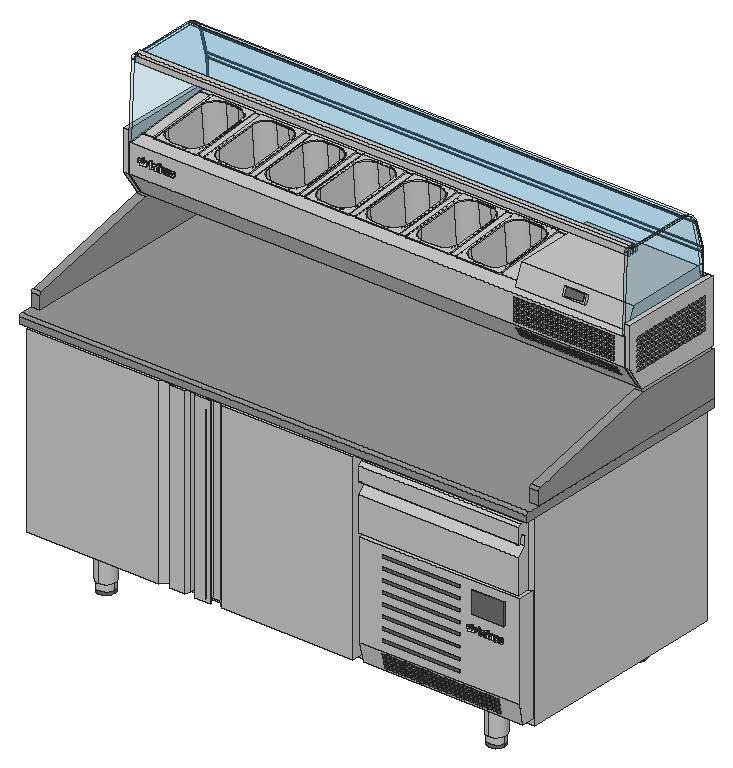
Revit family "QF_INFRICO_MP1740_VIP1740B14_G_250813111353", category Specialty Equipment, Revit 2021
Family settings
  Round Connector Dimension = Use Diameter
  Part Type = Normal
  OmniClass Number = 23.40.40.14
  OmniClass Title = Food Service Equipment
  Work Plane-Based = No
  Always vertical = Yes
  Cut with Voids When Loaded = No
  Shared = No
  Room Calculation Point = No
Parameters (values of type "MP1740-R290")
  Weight [instance] = 270.001 kg
  Waste Water Discharge Temperature [instance] = 0 °C
  Waste Remarks [instance] = ""
  Warranty Start Date [instance] = ""
  Warranty Duration [instance] = ""
  Volts_VIP1740B14_G [instance] = 230 V
  Volts [instance] = 230 V
  Volt Free Conn_VIP1740B14_G [instance] = yes
  Volt Free Conn [instance] = no
  URL Recommended Spares List [instance] = ""
  URL Manufacturer [instance] = ""
  URL Cutsheet [instance] = ""
  URL Critical Spares List [instance] = ""
  URL = "www.infrico.com"
  Technical Documentation [instance] = ""
  Tag Number [instance] = ""
  Status [instance] = ""
  Start Up Current_VIP1740B14_G [instance] = 0 A
  Start Up Current [instance] = 0 A
  Specification by User [instance] = ""
  Specification by Manufacturer [instance] = ""
  Sound Level [instance] = ""
  Show Logo [instance] = yes
  Show Clearances [instance] = yes
  Service Life Duration [instance] = ""
  Serial Number [instance] = ""
  Seismic Rating [instance] = ""
  SMACNA No [instance] = ""
  Revision Code [instance] = ""
  Revision [instance] = ""
  Production Year [instance] = ""
  Potential Equalisation_VIP1740B14_G [instance] = yes
  Potential Equalisation [instance] = no
  Point Load [instance] = 0
  Plumbing Connection Type [instance] = ""
  Phase_VIP1740B14_G [instance] = 1
  Phase [instance] = 1
  Other Equipment Approvals [instance] = ""
  Operational Current_VIP1740B14_G [instance] = 0 A
  Operational Current [instance] = 0 A
  Number of Poles_VIP1740B14_G [instance] = 2
  Number of Poles [instance] = 2
  No Load Power Draw_VIP1740B14_G [instance] = yes
  No Load Power Draw [instance] = no
  NAFEM Spec ID Number [instance] = ""
  Model Warning [instance] = ""
  Model = "MP1740"
  Min Ckt Ampacity_VIP1740B14_G [instance] = 0 A
  Min Ckt Ampacity [instance] = 0 A
  Max Overcurrent Protection_VIP1740B14_G [instance] = 0 A
  Max Overcurrent Protection [instance] = 0 A
  Masterspec [instance] = ""
  Manufacturer = "INFRICO"
  Main switch integrated_VIP1740B14_G [instance] = yes
  Main switch integrated [instance] = no
  Length Actual [instance] = 1738.122 mm
  Item Number [instance] = ""
  Installed By [instance] = ""
  Installation Date [instance] = ""
  Indirect Waste Size [instance] = 19.05 mm
  Indirect Waste Remarks [instance] = ""
  Indirect Waste Flow [instance] = 0.0 L/s
  Indirect Waste Connection Type [instance] = ""
  Indirect Waste Connection Height [instance] = 0 mm
  Identify Quantity as Lot [instance] = no
  ID [instance] = ""
  Hygiene Approval [instance] = ""
  Height Actual [instance] = 979.932 mm
  HP power_VIP1740B14_G [instance] = ""
  HP power [instance] = ""
  Furnished By [instance] = ""
  Foodservice Equipment Identifier [instance] = no
  FL Amps_VIP1740B14_G [instance] = 0 A
  FL Amps [instance] = 0 A
  Electrical Remarks_VIP1740B14_G [instance] = ""
  Electrical Remarks [instance] = ""
  Electric power_VIP1740B14_G [instance] = 120 W
  Electric power [instance] = 550 W
  Electric Connection Type_VIP1740B14_G [instance] = ""
  Electric Connection Type [instance] = ""
  Elec Conn RI Height_VIP1740B14_G [instance] = 0 mm
  Elec Conn RI Height [instance] = 0 mm
  Elec Conn Connection Height_VIP1740B14_G [instance] = 0 mm
  Elec Conn Connection Height [instance] = 0 mm
  ETL Approved [instance] = no
  Direct Waste Water Discharge Temperature [instance] = -273.15 °C
  Direct Waste Size [instance] = 19.05 mm
  Direct Waste RI Height [instance] = 0 mm
  Direct Waste Flow [instance] = 0.0 L/s
  Direct Waste Connection Height [instance] = 0 mm
  Description = "PIZZA PREP TABLE 800 SERIES - R290"
  Depth Actual [instance] = 800.1 mm
  Default Elevation = 0 mm
  Cycle_VIP1740B14_G [instance] = 50 Hz
  Cycle [instance] = 50 Hz
  Cost = 0
  Connection to energy optimisation system_VIP1740B14_G [instance] = yes
  Connection to energy optimisation system [instance] = yes
  Conn Plug_VIP1740B14_G [instance] = ""
  Conn Plug [instance] = ""
  Conn Conduit_VIP1740B14_G [instance] = yes
  Conn Conduit [instance] = no
  Centralized building control system with digital interface_VIP1740B14_G [instance] = ""
  Centralized building control system with digital interface [instance] = ""
  CSI MasterFormat [instance] = ""
  CE Approved [instance] = no
  Barcode [instance] = 0
  Author [instance] = ""
  Asset Identifier [instance] = ""
  Apparent Power_VIP1740B14_G [instance] = 120 VA
  Apparent Power [instance] = 550 VA
  Accessory [instance] = no
Reference planes
  plane 1 "Center (Front/Back)": y = 0
  plane 2: z = 0
  plane 3 "Center (Left/Right)": x = 0
Forms (mm)
  Extrusion 1, solid, not visible
    sketch origin (1038.051, -350.017, 142.007) x (1, 0, 0) y (0, 1, 0)
      loop
        line (-2, 2) -> (-2, -2) -> (2, -2) -> (2, 2) -> (-2, 2)
    from -2 to 2
  Extrusion 2, solid, not visible
    sketch origin (1641.08, -73.004, 142.007) x (1, 0, 0) y (0, 1, 0)
      loop
        line (-2, 2) -> (-2, -2) -> (2, -2) -> (2, 2) -> (-2, 2)
    from -2 to 2
  Extrusion 3, solid, not visible
    sketch origin (62.003, -2, 1080.053) x (1, 0, 0) y (0, 1, 0)
      loop
        line (-2, 2) -> (-2, -2) -> (2, -2) -> (2, 2) -> (-2, 2)
    from -2 to 2
Dimensions and locks
  locked: nested 2 to Extrusion 1 at 2  (x2)
  locked: nested 3 to Extrusion 2 at 2  (x2)
  locked: Extrusion 3 to nested 7
  locked: nested 7 to Extrusion 3 at 2
  aligned and locked: level to plane 2
Nested families
  nested 1: "QF_INFRICO_MP1740_2920" at (0, 0, 140), type "MP1740-R290"
    with Weight 270.001 kg, Warranty Start Date "", Warranty Duration "", URL Cutsheet "", Technical Documentation "", Tag Number "", Status "", Specification by User "", Specification by Manufacturer "", Sound Level "", Solid Fuel Type "", Show Logo yes, Show Clearances yes, Show Clearance yes, Service Life Duration "", Serial Number "", Seismic Rating "", SMACNA No "", Revision Code "", Revision "", Production Year "", Point Load 0, Other Equipment Approvals "", NAFEM Spec ID Number "", Model Warning "", Masterspec "", Length Actual 1738.122 mm, Item Number "", Installed By "", Installation Date "", Identify Quantity as Lot yes, ID "", Hygiene Approval "", Height Actual 979.932 mm, Furnished By "", Foodservice Equipment Identifier yes, ETL Approved yes, Depth Actual 800.1 mm, CSI MasterFormat "", CE Approved no, Barcode "", Author "", Asset Identifier "", Accessory no
  nested 2: "CONN_POINT_DRAIN_2D___Generic_Annotation" at (1038.051, -350.017, 140.007), type "CONN_POINT_DRAIN_2D___Generic_Annotation"
    with Onboard connection annotation symbol visibility yes
  nested 3: "CONN_POINT_ELE_2D___Generic_Annotation" at (1641.08, -73.004, 140.007), type "CONN_POINT_ELE_2D___Generic_Annotation"
    with Onboard connection annotation symbol visibility yes
  nested 4: "QF_INFRICO_MP_DOOR_SX_4886" at (22, -738, 168), type "MP_DOOR_SX"
    with Weight 0.00 kg, Warranty Start Date "", Warranty Duration "", URL Cutsheet "", Technical Documentation "", Tag Number "", Status "", Specification by User "", Specification by Manufacturer "", Sound Level "", Solid Fuel Type "", Show Logo yes, Show Clearances yes, Show Clearance yes, Service Life Duration "", Serial Number "", Seismic Rating "", SMACNA No "", Revision Code "", Revision "", Production Year "", Point Load 0, Other Equipment Approvals "", NAFEM Spec ID Number "", Model Warning "", Masterspec "", Length Actual 547.116 mm, Item Number "", Installed By "", Installation Date "", Identify Quantity as Lot yes, ID "", Hygiene Approval "", Height Actual 620.014 mm, Furnished By "", Foodservice Equipment Identifier yes, ETL Approved yes, Depth Actual 59.944 mm, CSI MasterFormat "", CE Approved no, Barcode "", Author "", Asset Identifier "", Accessory yes
  nested 5: "QF_INFRICO_MP_DOOR_DX_5664" at (594, -738, 168), type "MP_DOOR_DX"
    with Weight 0.00 kg, Warranty Start Date "", Warranty Duration "", URL Cutsheet "", Technical Documentation "", Tag Number "", Status "", Specification by User "", Specification by Manufacturer "", Sound Level "", Solid Fuel Type "", Show Logo yes, Show Clearances yes, Show Clearance yes, Service Life Duration "", Serial Number "", Seismic Rating "", SMACNA No "", Revision Code "", Revision "", Production Year "", Point Load 0, Other Equipment Approvals "", NAFEM Spec ID Number "", Model Warning "", Masterspec "", Length Actual 547.116 mm, Item Number "", Installed By "", Installation Date "", Identify Quantity as Lot yes, ID "", Hygiene Approval "", Height Actual 620.014 mm, Furnished By "", Foodservice Equipment Identifier yes, ETL Approved yes, Depth Actual 59.944 mm, CSI MasterFormat "", CE Approved no, Barcode "", Author "", Asset Identifier "", Accessory yes
  nested 6: "QF_INFRICO_VIP1740B14_G_6438" at (0, 0, 980), type "VIP1740B14_G"
    with Weight 0.00 kg, Warranty Start Date "", Warranty Duration "", URL Cutsheet "", Technical Documentation "", Tag Number "", Status "", Specification by User "", Specification by Manufacturer "", Sound Level "", Solid Fuel Type "", Show Logo yes, Show Clearances yes, Show Clearance yes, Service Life Duration "", Serial Number "", Seismic Rating "", SMACNA No "", Revision Code "", Revision "", Production Year "", Point Load 0, Other Equipment Approvals "", NAFEM Spec ID Number "", Model Warning "", Masterspec "", Length Actual 1733.042 mm, Item Number "", Installed By "", Installation Date "", Identify Quantity as Lot yes, ID "", Hygiene Approval "", Height Actual 450.088 mm, Furnished By "", Foodservice Equipment Identifier yes, ETL Approved yes, Depth Actual 353.06 mm, CSI MasterFormat "", CE Approved no, Barcode "", Author "", Asset Identifier "", Accessory yes
  nested 7: "CONN_POINT_ELE_2D___Generic_Annotation" at (62.003, 0, 1080.053), type "CONN_POINT_ELE_2D___Generic_Annotation"
    with Onboard connection annotation symbol visibility yes
  nested 8: "QF_INFRICO_LEGS_9698" at (0, 0, 0), type "LEGS_1740_800"
    with Weight 0.00 kg, Warranty Start Date "", Warranty Duration "", URL Cutsheet "", Technical Documentation "", Tag Number "", Status "", Specification by User "", Specification by Manufacturer "", Sound Level "", Solid Fuel Type "", Show Logo yes, Show Clearances yes, Show Clearance yes, Service Life Duration "", Serial Number "", Seismic Rating "", SMACNA No "", Revision Code "", Revision "", Production Year "", Point Load 0, Other Equipment Approvals "", NAFEM Spec ID Number "", Model Warning "", Masterspec "", Length Actual 1738.122 mm, Item Number "", Installed By "", Installation Date "", Identify Quantity as Lot yes, ID "", Hygiene Approval "", Height Actual 139.954 mm, Furnished By "", Foodservice Equipment Identifier yes, ETL Approved yes, Depth Actual 800.1 mm, CSI MasterFormat "", CE Approved no, Barcode "", Author "", Asset Identifier "", Accessory yes
Connectors
  piping at (1038.051, -350.017, 140.007), diameter 19.05, driven by "Indirect Waste Size", driven by "Direct Waste Flow"
    settings: on Extrusion 1, index 1, connector inside diameter 609.6 mm, connector length 0 mm, flow factor 0, pipe flow 0.0 L/s, pressure drop 0.0 Pa, fitting loss kfactor 0, connector angle 0.00°, fixture units 0, engagement length 0 mm, angle of deflection 0.00°, flow configuration 1, flow direction 2, fitting loss method 0, system type 16, joint type 0, gender type 0, connector reference index -1, connector utility 0, adjustable connector no, is connector primary yes, connector description "Waste connection for MP1740"
  electrical at (1641.08, -73.004, 140.007), driven by "Apparent Power", driven by "Number of Poles", driven by "Volts"
    settings: on Extrusion 2, index 2, voltage 230 V, apparent load 0 VA, apparent load phase1 550 VA, apparent load phase2 0 VA, apparent load phase3 0 VA, power factor 1, load classification "Other", number of poles 2, system type 31, power factor state 1, is connector primary yes, connector utility no, sub classification motor no, connector description "Electrical connection for MP1740"
  electrical at (62.003, 0, 1080.053), driven by "Apparent Power_VIP1740B14_G", driven by "Number of Poles_VIP1740B14_G", driven by "Volts_VIP1740B14_G"
    settings: on Extrusion 3, index 3, voltage 230 V, apparent load 0 VA, apparent load phase1 120 VA, apparent load phase2 0 VA, apparent load phase3 0 VA, power factor 1, load classification "Other", number of poles 2, system type 31, power factor state 1, is connector primary no, connector utility no, sub classification motor no, connector description "Electrical connection for VIP1740B14_G"
Definition of nested family "QF_INFRICO_MP1740_2920"
  Parameters (values of type "MP1740CN")
    Weight [instance] = 0.00 kg
    Warranty Start Date [instance] = ""
    Warranty Duration [instance] = ""
    URL Cutsheet [instance] = ""
    URL = "www.infrico.com"
    Technical Documentation [instance] = ""
    Tag Number [instance] = ""
    Status [instance] = ""
    Specification by User [instance] = ""
    Specification by Manufacturer [instance] = ""
    Sound Level [instance] = ""
    Solid Fuel Type [instance] = ""
    Show Logo [instance] = yes
    Show Clearances [instance] = yes
    Show Clearance [instance] = yes
    Service Life Duration [instance] = ""
    Serial Number [instance] = ""
    Seismic Rating [instance] = ""
    SMACNA No [instance] = ""
    Revision Code [instance] = ""
    Revision [instance] = ""
    Production Year [instance] = ""
    Point Load [instance] = 0
    Other Equipment Approvals [instance] = ""
    NAFEM Spec ID Number [instance] = ""
    Model Warning [instance] = ""
    Model = "MP1740CN"
    Masterspec [instance] = ""
    Manufacturer = "INFRICO"
    Length Actual [instance] = 0 mm
    Item Number [instance] = ""
    Installed By [instance] = ""
    Installation Date [instance] = ""
    Identify Quantity as Lot [instance] = yes
    ID [instance] = ""
    Hygiene Approval [instance] = ""
    Height Actual [instance] = 0 mm
    Furnished By [instance] = ""
    Foodservice Equipment Identifier [instance] = yes
    ETL Approved [instance] = yes
    Description = "PIZZA PREP TABLE 800 SERIES - R134A"
    Depth Actual [instance] = 0 mm
    Default Elevation = 0 mm
    CSI MasterFormat [instance] = ""
    CE Approved [instance] = yes
    Barcode [instance] = ""
    Author [instance] = ""
    Asset Identifier [instance] = ""
    Assembly Code = "E1090320"
    Accessory [instance] = yes
  Types (4, lengths in mm): name | Model | Description
    MP1740 | "MP1740" | "PIZZA PREP TABLE 800 SERIES - R134A"
    MP1740-R290 | "MP1740" | "PIZZA PREP TABLE 800 SERIES - R290"
    MP1740CN-R290 | "MP1740CN" | "PIZZA PREP TABLE 800 SERIES - R290"
    MP1740CN | "MP1740CN" | "PIZZA PREP TABLE 800 SERIES - R134A"
  Reference planes
    plane 1 "Back": y = 0
    plane 2: z = 0
    plane 3 "Left": x = 0
    plane 4 "Right": x = 1738
    plane 5 "Front": y = -800
    plane 6 "Top": z = 690
  Forms (mm)
    Extrusion 1, solid
      sketch origin (0, -945.468, 0) x (1, 0, 0) y (0, 0, 1)
        loop
          line (23.98, 660) -> (23.98, 0) -> (1713.98, 0) -> (1713.98, 660) -> (23.98, 660)
      from -945.468 to -207.468
    Extrusion 2, solid
      sketch origin (0, -945.468, -0.92) x (0, 1, 0) y (0, 0, 1)
        loop
          line (945.468, 690.92) -> (155.468, 690.92)
          arc (155.468, 690.92) -> (148.397, 687.991) -> (145.468, 680.92) r 10
          line (145.468, 680.92) -> (145.468, 660.92) -> (945.468, 660.92) -> (945.468, 690.92)
      from 0 to 1738
    Extrusion 3, solid
      sketch origin (0, -945.468, 0) x (0, 1, 0) y (0, 0, 1)
        loop
          line (195.468, 732.805) -> (195.468, 690) -> (945.468, 690) -> (945.468, 840.93) -> (645.468, 840.93) -> (203.296, 742.567)
          arc (203.296, 742.567) -> (197.666, 739.062) -> (195.468, 732.805) r 10
      from 0 to 30
    Extrusion 4, solid
      sketch origin (1708, -945.468, 0) x (0, 1, 0) y (0, 0, 1)
        loop
          line (195.468, 732.805) -> (195.468, 690) -> (945.468, 690) -> (945.468, 840.93) -> (645.468, 840.93) -> (203.296, 742.567)
          arc (203.296, 742.567) -> (197.666, 739.062) -> (195.468, 732.805) r 10
      from 0 to 30
    Extrusion 5, solid
      sketch origin (0, -945.448, 0) x (0, 1, 0) y (0, 0, 1)
        loop
          line (207.448, 659.31) -> (159.638, 659.31) -> (159.638, 646.31) -> (207.448, 646.31) -> (207.448, 659.31)
      from 25.595 to 1712.615
    Extrusion 6, solid
      sketch origin (0, -945.468, 0) x (0, 1, 0) y (0, 0, 1)
        loop
          line (915.468, 690) -> (945.468, 690) -> (945.468, 840.93) -> (915.468, 840.93) -> (915.468, 690)
      from 30 to 1708
    Extrusion 7, solid
      sketch origin (-2000.4, -1943.425, 0) x (0, 1, 0) y (0, 0, 1)
        loop
          line (1165.522, 19.5) -> (1205.425, 19.5) -> (1205.425, 411.638) -> (1150.415, 411.638) -> (1150.415, 85.028) -> (1165.522, 19.5)
      from 3160.42 to 3707.42
    Extrusion 8, solid
      sketch origin (-2000, -1943.425, 0) x (0, 1, 0) y (0, 0, 1)
        loop
          line (1150.415, 385.1) -> (1148.415, 385.1) -> (1148.415, 310.1) -> (1150.415, 310.1) -> (1150.415, 385.1)
      from 3545.892 to 3655.892
    Extrusion 9, solid
      sketch origin (-3806.998, -791.13, -529.942) x (1, 0, 0) y (0, 0, 1)
        loop
          line (5309.954, 912.391) -> (5043.954, 912.391) -> (5043.954, 903.391) -> (5309.954, 903.391) -> (5309.954, 912.391)
        loop
          line (5309.954, 875.391) -> (5043.954, 875.391) -> (5043.954, 866.391) -> (5309.954, 866.391) -> (5309.954, 875.391)
        loop
          line (5309.954, 838.391) -> (5043.954, 838.391) -> (5043.954, 829.391) -> (5309.954, 829.391) -> (5309.954, 838.391)
        loop
          line (5309.954, 801.391) -> (5043.954, 801.391) -> (5043.954, 792.391) -> (5309.954, 792.391) -> (5309.954, 801.391)
        loop
          line (5309.954, 764.391) -> (5043.954, 764.391) -> (5043.954, 755.391) -> (5309.954, 755.391) -> (5309.954, 764.391)
        loop
          line (5309.954, 727.391) -> (5043.954, 727.391) -> (5043.954, 718.391) -> (5309.954, 718.391) -> (5309.954, 727.391)
        loop
          line (5309.954, 690.391) -> (5043.954, 690.391) -> (5043.954, 681.391) -> (5309.954, 681.391) -> (5309.954, 690.391)
        loop
          line (5309.954, 653.391) -> (5043.954, 653.391) -> (5043.954, 644.391) -> (5309.954, 644.391) -> (5309.954, 653.391)
      from 0 to 2
    Extrusion 10, solid
      sketch origin (-1801.775, -737.704, -146.289) x (1, 0, 0) y (0, -0.224951, 0.97437)
        loop
          line (3036.73, 230.769) -> (3036.73, 220.769) -> (3046.73, 220.769) -> (3046.73, 230.769) -> (3036.73, 230.769)
        loop
          line (3052.23, 230.769) -> (3052.23, 220.769) -> (3062.23, 220.769) -> (3062.23, 230.769) -> (3052.23, 230.769)
        loop
          line (3067.73, 230.769) -> (3067.73, 220.769) -> (3077.73, 220.769) -> (3077.73, 230.769) -> (3067.73, 230.769)
        loop
          line (3083.23, 230.769) -> (3083.23, 220.769) -> (3093.23, 220.769) -> (3093.23, 230.769) -> (3083.23, 230.769)
        loop
          line (3098.73, 230.769) -> (3098.73, 220.769) -> (3108.73, 220.769) -> (3108.73, 230.769) -> (3098.73, 230.769)
        loop
          line (3114.23, 230.769) -> (3114.23, 220.769) -> (3124.23, 220.769) -> (3124.23, 230.769) -> (3114.23, 230.769)
        loop
          line (3129.73, 230.769) -> (3129.73, 220.769) -> (3139.73, 220.769) -> (3139.73, 230.769) -> (3129.73, 230.769)
        loop
          line (3145.23, 230.769) -> (3145.23, 220.769) -> (3155.23, 220.769) -> (3155.23, 230.769) -> (3145.23, 230.769)
        loop
          line (3160.73, 230.769) -> (3160.73, 220.769) -> (3170.73, 220.769) -> (3170.73, 230.769) -> (3160.73, 230.769)
        loop
          line (3176.23, 230.769) -> (3176.23, 220.769) -> (3186.23, 220.769) -> (3186.23, 230.769) -> (3176.23, 230.769)
        loop
          line (3191.73, 230.769) -> (3191.73, 220.769) -> (3201.73, 220.769) -> (3201.73, 230.769) -> (3191.73, 230.769)
        loop
          line (3207.23, 230.769) -> (3207.23, 220.769) -> (3217.23, 220.769) -> (3217.23, 230.769) -> (3207.23, 230.769)
        loop
          line (3222.73, 230.769) -> (3222.73, 220.769) -> (3232.73, 220.769) -> (3232.73, 230.769) -> (3222.73, 230.769)
        loop
          line (3238.23, 230.769) -> (3238.23, 220.769) -> (3248.23, 220.769) -> (3248.23, 230.769) -> (3238.23, 230.769)
        loop
          line (3253.73, 230.769) -> (3253.73, 220.769) -> (3263.73, 220.769) -> (3263.73, 230.769) -> (3253.73, 230.769)
        loop
          line (3269.23, 230.769) -> (3269.23, 220.769) -> (3279.23, 220.769) -> (3279.23, 230.769) -> (3269.23, 230.769)
        loop
          line (3284.73, 230.769) -> (3284.73, 220.769) -> (3294.73, 220.769) -> (3294.73, 230.769) -> (3284.73, 230.769)
        loop
          line (3300.23, 230.769) -> (3300.23, 220.769) -> (3310.23, 220.769) -> (3310.23, 230.769) -> (3300.23, 230.769)
        loop
          line (3315.73, 230.769) -> (3315.73, 220.769) -> (3325.73, 220.769) -> (3325.73, 230.769) -> (3315.73, 230.769)
        loop
          line (3331.23, 230.769) -> (3331.23, 220.769) -> (3341.23, 220.769) -> (3341.23, 230.769) -> (3331.23, 230.769)
        loop
          line (3346.73, 230.769) -> (3346.73, 220.769) -> (3356.73, 220.769) -> (3356.73, 230.769) -> (3346.73, 230.769)
        loop
          line (3362.23, 230.769) -> (3362.23, 220.769) -> (3372.23, 220.769) -> (3372.23, 230.769) -> (3362.23, 230.769)
        loop
          line (3377.73, 230.769) -> (3377.73, 220.769) -> (3387.73, 220.769) -> (3387.73, 230.769) -> (3377.73, 230.769)
        loop
          line (3393.23, 230.769) -> (3393.23, 220.769) -> (3403.23, 220.769) -> (3403.23, 230.769) -> (3393.23, 230.769)
        loop
          line (3408.73, 230.769) -> (3408.73, 220.769) -> (3418.73, 220.769) -> (3418.73, 230.769) -> (3408.73, 230.769)
        loop
          line (3424.23, 230.769) -> (3424.23, 220.769) -> (3434.23, 220.769) -> (3434.23, 230.769) -> (3424.23, 230.769)
        loop
          line (3036.73, 216.769) -> (3036.73, 206.769) -> (3046.73, 206.769) -> (3046.73, 216.769) -> (3036.73, 216.769)
        loop
          line (3052.23, 216.769) -> (3052.23, 206.769) -> (3062.23, 206.769) -> (3062.23, 216.769) -> (3052.23, 216.769)
        loop
          line (3067.73, 216.769) -> (3067.73, 206.769) -> (3077.73, 206.769) -> (3077.73, 216.769) -> (3067.73, 216.769)
        loop
          line (3083.23, 216.769) -> (3083.23, 206.769) -> (3093.23, 206.769) -> (3093.23, 216.769) -> (3083.23, 216.769)
        loop
          line (3098.73, 216.769) -> (3098.73, 206.769) -> (3108.73, 206.769) -> (3108.73, 216.769) -> (3098.73, 216.769)
        loop
          line (3114.23, 216.769) -> (3114.23, 206.769) -> (3124.23, 206.769) -> (3124.23, 216.769) -> (3114.23, 216.769)
        loop
          line (3129.73, 216.769) -> (3129.73, 206.769) -> (3139.73, 206.769) -> (3139.73, 216.769) -> (3129.73, 216.769)
        loop
          line (3145.23, 216.769) -> (3145.23, 206.769) -> (3155.23, 206.769) -> (3155.23, 216.769) -> (3145.23, 216.769)
        loop
          line (3160.73, 216.769) -> (3160.73, 206.769) -> (3170.73, 206.769) -> (3170.73, 216.769) -> (3160.73, 216.769)
        loop
          line (3176.23, 216.769) -> (3176.23, 206.769) -> (3186.23, 206.769) -> (3186.23, 216.769) -> (3176.23, 216.769)
        loop
          line (3191.73, 216.769) -> (3191.73, 206.769) -> (3201.73, 206.769) -> (3201.73, 216.769) -> (3191.73, 216.769)
        loop
          line (3207.23, 216.769) -> (3207.23, 206.769) -> (3217.23, 206.769) -> (3217.23, 216.769) -> (3207.23, 216.769)
        loop
          line (3222.73, 216.769) -> (3222.73, 206.769) -> (3232.73, 206.769) -> (3232.73, 216.769) -> (3222.73, 216.769)
        loop
          line (3238.23, 216.769) -> (3238.23, 206.769) -> (3248.23, 206.769) -> (3248.23, 216.769) -> (3238.23, 216.769)
        loop
          line (3253.73, 216.769) -> (3253.73, 206.769) -> (3263.73, 206.769) -> (3263.73, 216.769) -> (3253.73, 216.769)
        loop
          line (3269.23, 216.769) -> (3269.23, 206.769) -> (3279.23, 206.769) -> (3279.23, 216.769) -> (3269.23, 216.769)
        loop
          line (3284.73, 216.769) -> (3284.73, 206.769) -> (3294.73, 206.769) -> (3294.73, 216.769) -> (3284.73, 216.769)
        loop
          line (3300.23, 216.769) -> (3300.23, 206.769) -> (3310.23, 206.769) -> (3310.23, 216.769) -> (3300.23, 216.769)
        loop
          line (3315.73, 216.769) -> (3315.73, 206.769) -> (3325.73, 206.769) -> (3325.73, 216.769) -> (3315.73, 216.769)
        loop
          line (3331.23, 216.769) -> (3331.23, 206.769) -> (3341.23, 206.769) -> (3341.23, 216.769) -> (3331.23, 216.769)
        loop
          line (3346.73, 216.769) -> (3346.73, 206.769) -> (3356.73, 206.769) -> (3356.73, 216.769) -> (3346.73, 216.769)
        loop
          line (3362.23, 216.769) -> (3362.23, 206.769) -> (3372.23, 206.769) -> (3372.23, 216.769) -> (3362.23, 216.769)
        loop
          line (3377.73, 216.769) -> (3377.73, 206.769) -> (3387.73, 206.769) -> (3387.73, 216.769) -> (3377.73, 216.769)
        loop
          line (3393.23, 216.769) -> (3393.23, 206.769) -> (3403.23, 206.769) -> (3403.23, 216.769) -> (3393.23, 216.769)
        loop
          line (3408.73, 216.769) -> (3408.73, 206.769) -> (3418.73, 206.769) -> (3418.73, 216.769) -> (3408.73, 216.769)
        loop
          line (3424.23, 216.769) -> (3424.23, 206.769) -> (3434.23, 206.769) -> (3434.23, 216.769) -> (3424.23, 216.769)
        loop
          line (3036.73, 202.769) -> (3036.73, 192.769) -> (3046.73, 192.769) -> (3046.73, 202.769) -> (3036.73, 202.769)
        loop
          line (3052.23, 202.769) -> (3052.23, 192.769) -> (3062.23, 192.769) -> (3062.23, 202.769) -> (3052.23, 202.769)
        loop
          line (3067.73, 202.769) -> (3067.73, 192.769) -> (3077.73, 192.769) -> (3077.73, 202.769) -> (3067.73, 202.769)
        loop
          line (3083.23, 202.769) -> (3083.23, 192.769) -> (3093.23, 192.769) -> (3093.23, 202.769) -> (3083.23, 202.769)
        loop
          line (3098.73, 202.769) -> (3098.73, 192.769) -> (3108.73, 192.769) -> (3108.73, 202.769) -> (3098.73, 202.769)
        loop
          line (3114.23, 202.769) -> (3114.23, 192.769) -> (3124.23, 192.769) -> (3124.23, 202.769) -> (3114.23, 202.769)
        loop
          line (3129.73, 202.769) -> (3129.73, 192.769) -> (3139.73, 192.769) -> (3139.73, 202.769) -> (3129.73, 202.769)
        loop
          line (3145.23, 202.769) -> (3145.23, 192.769) -> (3155.23, 192.769) -> (3155.23, 202.769) -> (3145.23, 202.769)
        loop
          line (3160.73, 202.769) -> (3160.73, 192.769) -> (3170.73, 192.769) -> (3170.73, 202.769) -> (3160.73, 202.769)
        loop
          line (3176.23, 202.769) -> (3176.23, 192.769) -> (3186.23, 192.769) -> (3186.23, 202.769) -> (3176.23, 202.769)
        loop
          line (3191.73, 202.769) -> (3191.73, 192.769) -> (3201.73, 192.769) -> (3201.73, 202.769) -> (3191.73, 202.769)
        loop
          line (3207.23, 202.769) -> (3207.23, 192.769) -> (3217.23, 192.769) -> (3217.23, 202.769) -> (3207.23, 202.769)
        loop
          line (3222.73, 202.769) -> (3222.73, 192.769) -> (3232.73, 192.769) -> (3232.73, 202.769) -> (3222.73, 202.769)
        loop
          line (3238.23, 202.769) -> (3238.23, 192.769) -> (3248.23, 192.769) -> (3248.23, 202.769) -> (3238.23, 202.769)
        loop
          line (3253.73, 202.769) -> (3253.73, 192.769) -> (3263.73, 192.769) -> (3263.73, 202.769) -> (3253.73, 202.769)
        loop
          line (3269.23, 202.769) -> (3269.23, 192.769) -> (3279.23, 192.769) -> (3279.23, 202.769) -> (3269.23, 202.769)
        loop
          line (3284.73, 202.769) -> (3284.73, 192.769) -> (3294.73, 192.769) -> (3294.73, 202.769) -> (3284.73, 202.769)
        loop
          line (3300.23, 202.769) -> (3300.23, 192.769) -> (3310.23, 192.769) -> (3310.23, 202.769) -> (3300.23, 202.769)
        loop
          line (3315.73, 202.769) -> (3315.73, 192.769) -> (3325.73, 192.769) -> (3325.73, 202.769) -> (3315.73, 202.769)
        loop
          line (3331.23, 202.769) -> (3331.23, 192.769) -> (3341.23, 192.769) -> (3341.23, 202.769) -> (3331.23, 202.769)
        loop
          line (3346.73, 202.769) -> (3346.73, 192.769) -> (3356.73, 192.769) -> (3356.73, 202.769) -> (3346.73, 202.769)
        loop
          line (3362.23, 202.769) -> (3362.23, 192.769) -> (3372.23, 192.769) -> (3372.23, 202.769) -> (3362.23, 202.769)
        loop
          line (3377.73, 202.769) -> (3377.73, 192.769) -> (3387.73, 192.769) -> (3387.73, 202.769) -> (3377.73, 202.769)
        loop
          line (3393.23, 202.769) -> (3393.23, 192.769) -> (3403.23, 192.769) -> (3403.23, 202.769) -> (3393.23, 202.769)
        loop
          line (3408.73, 202.769) -> (3408.73, 192.769) -> (3418.73, 192.769) -> (3418.73, 202.769) -> (3408.73, 202.769)
        loop
          line (3424.23, 202.769) -> (3424.23, 192.769) -> (3434.23, 192.769) -> (3434.23, 202.769) -> (3424.23, 202.769)
        loop
          line (3036.73, 188.769) -> (3036.73, 178.769) -> (3046.73, 178.769) -> (3046.73, 188.769) -> (3036.73, 188.769)
        loop
          line (3052.23, 188.769) -> (3052.23, 178.769) -> (3062.23, 178.769) -> (3062.23, 188.769) -> (3052.23, 188.769)
        loop
          line (3067.73, 188.769) -> (3067.73, 178.769) -> (3077.73, 178.769) -> (3077.73, 188.769) -> (3067.73, 188.769)
        loop
          line (3083.23, 188.769) -> (3083.23, 178.769) -> (3093.23, 178.769) -> (3093.23, 188.769) -> (3083.23, 188.769)
        loop
          line (3098.73, 188.769) -> (3098.73, 178.769) -> (3108.73, 178.769) -> (3108.73, 188.769) -> (3098.73, 188.769)
        loop
          line (3114.23, 188.769) -> (3114.23, 178.769) -> (3124.23, 178.769) -> (3124.23, 188.769) -> (3114.23, 188.769)
        loop
          line (3129.73, 188.769) -> (3129.73, 178.769) -> (3139.73, 178.769) -> (3139.73, 188.769) -> (3129.73, 188.769)
        loop
          line (3145.23, 188.769) -> (3145.23, 178.769) -> (3155.23, 178.769) -> (3155.23, 188.769) -> (3145.23, 188.769)
        loop
          line (3160.73, 188.769) -> (3160.73, 178.769) -> (3170.73, 178.769) -> (3170.73, 188.769) -> (3160.73, 188.769)
        loop
          line (3176.23, 188.769) -> (3176.23, 178.769) -> (3186.23, 178.769) -> (3186.23, 188.769) -> (3176.23, 188.769)
        loop
          line (3191.73, 188.769) -> (3191.73, 178.769) -> (3201.73, 178.769) -> (3201.73, 188.769) -> (3191.73, 188.769)
        loop
          line (3207.23, 188.769) -> (3207.23, 178.769) -> (3217.23, 178.769) -> (3217.23, 188.769) -> (3207.23, 188.769)
        loop
          line (3222.73, 188.769) -> (3222.73, 178.769) -> (3232.73, 178.769) -> (3232.73, 188.769) -> (3222.73, 188.769)
        loop
          line (3238.23, 188.769) -> (3238.23, 178.769) -> (3248.23, 178.769) -> (3248.23, 188.769) -> (3238.23, 188.769)
        loop
          line (3253.73, 188.769) -> (3253.73, 178.769) -> (3263.73, 178.769) -> (3263.73, 188.769) -> (3253.73, 188.769)
        loop
          line (3269.23, 188.769) -> (3269.23, 178.769) -> (3279.23, 178.769) -> (3279.23, 188.769) -> (3269.23, 188.769)
        loop
          line (3284.73, 188.769) -> (3284.73, 178.769) -> (3294.73, 178.769) -> (3294.73, 188.769) -> (3284.73, 188.769)
        loop
          line (3300.23, 188.769) -> (3300.23, 178.769) -> (3310.23, 178.769) -> (3310.23, 188.769) -> (3300.23, 188.769)
        loop
          line (3315.73, 188.769) -> (3315.73, 178.769) -> (3325.73, 178.769) -> (3325.73, 188.769) -> (3315.73, 188.769)
        loop
          line (3331.23, 188.769) -> (3331.23, 178.769) -> (3341.23, 178.769) -> (3341.23, 188.769) -> (3331.23, 188.769)
        loop
          line (3346.73, 188.769) -> (3346.73, 178.769) -> (3356.73, 178.769) -> (3356.73, 188.769) -> (3346.73, 188.769)
        loop
          line (3362.23, 188.769) -> (3362.23, 178.769) -> (3372.23, 178.769) -> (3372.23, 188.769) -> (3362.23, 188.769)
        loop
          line (3377.73, 188.769) -> (3377.73, 178.769) -> (3387.73, 178.769) -> (3387.73, 188.769) -> (3377.73, 188.769)
        loop
          line (3393.23, 188.769) -> (3393.23, 178.769) -> (3403.23, 178.769) -> (3403.23, 188.769) -> (3393.23, 188.769)
        loop
          line (3408.73, 188.769) -> (3408.73, 178.769) -> (3418.73, 178.769) -> (3418.73, 188.769) -> (3408.73, 188.769)
        loop
          line (3424.23, 188.769) -> (3424.23, 178.769) -> (3434.23, 178.769) -> (3434.23, 188.769) -> (3424.23, 188.769)
      from 0 to 2
    Extrusion 11, solid
      sketch origin (-2000.4, -2000, 0) x (0, 1, 0) y (0, 0, 1)
        loop
          line (1203.152, 630.936) -> (1203.152, 580.536)
          arc (1203.152, 580.536) -> (1204.842, 578.739) -> (1206.738, 580.317) r 1.8
          line (1206.738, 580.317) -> (1210.228, 608.736) -> (1214.927, 608.736) -> (1229.152, 594.511) -> (1229.152, 566.127) -> (1203.342, 540.317) -> (1203.342, 423.215) -> (1241.352, 423.215) -> (1241.352, 640.936) -> (1213.152, 640.936) -> (1203.152, 630.936)
      from 3160.4 to 3707.42
    Extrusion 12, solid
      sketch origin (0, 0, 0) x (1, 0, 0) y (0, 0, 1)
        loop
          line (1175, 625.936) -> (1175, 438.215) -> (1692.02, 438.215) -> (1692.02, 625.936) -> (1175, 625.936)
        loop
          line (1677.02, 610.936) -> (1190, 610.936) -> (1190, 453.215) -> (1677.02, 453.215) -> (1677.02, 610.936)
      from 738 to 758.648
    Extrusion 13, solid
      sketch origin (0, 0, -10) x (1, 0, 0) y (0, 1, 0)
        loop
          circle (1641, -73) r 12.7
      from 0 to 10
    Extrusion 14, solid
      sketch origin (0, 0, 0) x (1, 0, 0) y (0, 1, 0)
        loop
          circle (1038, -350) r 9.525
      from -10 to 0
    Extrusion 15, solid, visible <- "Show Logo"
      sketch origin (363.26, -793.01, -443.104) x (1, 0, 0) y (0, 0, 1)
        loop
          line (1208.799, 696.53) -> (1208.799, 719.204) -> (1204.173, 719.204) -> (1204.173, 696.53) -> (1208.799, 696.53)
        loop
          line (1214.779, 713.006) -> (1211.283, 713.006) -> (1211.283, 696.53) -> (1215.772, 696.53) -> (1215.772, 707.832)
          arc (1215.772, 707.832) -> (1217.528, 708.741) -> (1219.417, 709.324) r 11.052
          arc (1219.417, 709.324) -> (1220.929, 708.961) -> (1221.598, 707.557) r 1.806
          line (1221.598, 707.557) -> (1221.598, 696.53) -> (1226.121, 696.53) -> (1226.121, 708.689)
          arc (1226.121, 708.689) -> (1224.637, 712.075) -> (1221.141, 713.281) r 4.607
          arc (1221.141, 713.281) -> (1218.282, 712.674) -> (1215.669, 711.361) r 11.435
          line (1215.669, 711.361) -> (1215.601, 712.184)
          arc (1215.601, 712.184) -> (1215.36, 712.765) -> (1214.779, 713.006) r 0.822
        loop
          line (1238.557, 720.102) -> (1237.306, 720.102)
          arc (1237.306, 720.102) -> (1235.052, 719.926) -> (1232.881, 719.297) r 11.103
          arc (1232.881, 719.297) -> (1230.805, 717.616) -> (1230.024, 715.062) r 4.567
          line (1230.024, 715.062) -> (1230.024, 712.909) -> (1227.351, 712.703) -> (1227.351, 709.374) -> (1230.024, 709.374) -> (1230.024, 696.53) -> (1234.547, 696.53) -> (1234.547, 709.374) -> (1238.249, 709.374) -> (1238.249, 712.938) -> (1234.547, 712.938) -> (1234.547, 714.548)
          arc (1234.547, 714.548) -> (1234.956, 715.705) -> (1236.045, 716.271) r 1.67
          line (1236.045, 716.271) -> (1237.7, 716.399)
          arc (1237.7, 716.399) -> (1238.306, 716.65) -> (1238.557, 717.255) r 0.857
          line (1238.557, 717.255) -> (1238.557, 720.102)
        loop
          line (1239.479, 713.006) -> (1239.479, 696.53) -> (1243.968, 696.53) -> (1243.968, 707.352)
          arc (1243.968, 707.352) -> (1245.873, 708.631) -> (1248.077, 709.268) r 7.435
          line (1248.077, 709.268) -> (1249.241, 709.416)
          arc (1249.241, 709.416) -> (1249.643, 709.758) -> (1249.793, 710.265) r 0.928
          line (1249.793, 710.265) -> (1249.793, 712.458)
          arc (1249.793, 712.458) -> (1249.531, 713.061) -> (1248.912, 713.28) r 0.824
          arc (1248.912, 713.28) -> (1246.197, 712.588) -> (1243.899, 710.984) r 7.833
          line (1243.899, 710.984) -> (1243.726, 713.006) -> (1239.479, 713.006)
        loop
          line (1255.495, 696.53) -> (1255.495, 713.006) -> (1251.006, 713.006) -> (1251.006, 696.53) -> (1255.495, 696.53)
        loop
          arc (1257.421, 701.327) -> (1258.567, 698.188) -> (1261.466, 696.525) r 4.873
          arc (1261.466, 696.525) -> (1264.493, 696.266) -> (1267.521, 696.525) r 17.816
          arc (1267.521, 696.525) -> (1270.575, 699.134) -> (1271.505, 703.041) r 6.481
          line (1271.505, 703.041) -> (1267.187, 703.041) -> (1267.187, 701.67)
          arc (1267.187, 701.67) -> (1266.64, 700.452) -> (1265.442, 699.865) r 1.965
          arc (1265.442, 699.865) -> (1264.547, 699.816) -> (1263.653, 699.865) r 8.196
          arc (1263.653, 699.865) -> (1262.417, 700.415) -> (1261.91, 701.67) r 1.806
          line (1261.91, 701.67) -> (1261.91, 707.9)
          arc (1261.91, 707.9) -> (1262.417, 709.155) -> (1263.653, 709.705) r 1.806
          arc (1263.653, 709.705) -> (1264.547, 709.754) -> (1265.442, 709.705) r 8.196
          arc (1265.442, 709.705) -> (1266.64, 709.118) -> (1267.187, 707.9) r 1.965
          line (1267.187, 707.9) -> (1267.187, 706.838) -> (1271.505, 706.838)
          arc (1271.505, 706.838) -> (1270.524, 710.556) -> (1267.521, 712.959) r 6.132
          arc (1267.521, 712.959) -> (1264.493, 713.294) -> (1261.466, 712.959) r 13.851
          arc (1261.466, 712.959) -> (1258.571, 711.349) -> (1257.421, 708.243) r 4.772
          line (1257.421, 708.243) -> (1257.421, 701.327)
        loop
          arc (1272.916, 701.329) -> (1273.993, 698.345) -> (1276.726, 696.734) r 4.676
          arc (1276.726, 696.734) -> (1278.515, 696.455) -> (1280.318, 696.291) r 28.371
          arc (1280.318, 696.291) -> (1282.122, 696.455) -> (1283.911, 696.734) r 28.371
          arc (1283.911, 696.734) -> (1286.644, 698.345) -> (1287.72, 701.329) r 4.676
          line (1287.72, 701.329) -> (1287.72, 708.242)
          arc (1287.72, 708.242) -> (1286.644, 711.226) -> (1283.911, 712.837) r 4.676
          arc (1283.911, 712.837) -> (1282.122, 713.116) -> (1280.318, 713.28) r 28.371
          arc (1280.318, 713.28) -> (1278.515, 713.116) -> (1276.726, 712.837) r 28.371
          arc (1276.726, 712.837) -> (1273.993, 711.226) -> (1272.916, 708.242) r 4.676
          line (1272.916, 708.242) -> (1272.916, 701.329)
        loop
          line (1277.405, 707.866) -> (1277.405, 701.705)
          arc (1277.405, 701.705) -> (1277.844, 700.556) -> (1278.936, 699.991) r 1.725
          arc (1278.936, 699.991) -> (1279.627, 699.918) -> (1280.318, 699.856) r 46.133
          arc (1280.318, 699.856) -> (1281.01, 699.918) -> (1281.701, 699.991) r 46.133
          arc (1281.701, 699.991) -> (1282.793, 700.556) -> (1283.231, 701.705) r 1.725
          line (1283.231, 701.705) -> (1283.231, 707.866)
          arc (1283.231, 707.866) -> (1282.793, 709.015) -> (1281.701, 709.58) r 1.725
          arc (1281.701, 709.58) -> (1281.01, 709.653) -> (1280.318, 709.716) r 46.133
          arc (1280.318, 709.716) -> (1279.627, 709.653) -> (1278.936, 709.58) r 46.133
          arc (1278.936, 709.58) -> (1277.844, 709.015) -> (1277.405, 707.866) r 1.725
        loop
          arc (1190.339, 696.543) -> (1191.411, 696.987) -> (1191.856, 698.059) r 1.516
          line (1191.856, 698.059) -> (1191.856, 703.891) -> (1196.035, 703.891)
          arc (1196.035, 703.891) -> (1196.79, 704.121) -> (1197.218, 704.782) r 1.147
          line (1197.218, 704.782) -> (1197.218, 706.211)
          arc (1197.218, 706.211) -> (1196.787, 707.258) -> (1195.719, 707.634) r 1.385
          line (1195.719, 707.634) -> (1194.52, 707.634) -> (1197.218, 710.332)
          arc (1197.218, 710.332) -> (1197.605, 711.266) -> (1197.218, 712.2) r 1.321
          line (1197.218, 712.2) -> (1196.495, 712.923)
          arc (1196.495, 712.923) -> (1195.54, 713.338) -> (1194.558, 712.991) r 1.422
          line (1194.558, 712.991) -> (1191.853, 710.286) -> (1191.853, 711.479)
          arc (1191.853, 711.479) -> (1191.443, 712.516) -> (1190.435, 712.992) r 1.516
          line (1190.435, 712.992) -> (1189.514, 712.992)
          arc (1189.514, 712.992) -> (1188.511, 712.514) -> (1188.103, 711.479) r 1.516
          line (1188.103, 711.479) -> (1188.103, 706.83) -> (1182.073, 701.336) -> (1182.073, 707.509) -> (1185.639, 711.075)
          arc (1185.639, 711.075) -> (1186.053, 712.073) -> (1185.639, 713.071) r 1.412
          line (1185.639, 713.071) -> (1184.987, 713.723)
          arc (1184.987, 713.723) -> (1183.939, 714.141) -> (1182.915, 713.667) r 1.428
          line (1182.915, 713.667) -> (1182.073, 712.825) -> (1182.073, 717.784)
          arc (1182.073, 717.784) -> (1181.658, 718.787) -> (1180.655, 719.203) r 1.418
          line (1180.655, 719.203) -> (1179.726, 719.203)
          arc (1179.726, 719.203) -> (1178.723, 718.787) -> (1178.308, 717.784) r 1.418
          line (1178.308, 717.784) -> (1178.308, 712.825) -> (1177.466, 713.667)
          arc (1177.466, 713.667) -> (1176.442, 714.141) -> (1175.394, 713.723) r 1.428
          line (1175.394, 713.723) -> (1174.742, 713.071)
          arc (1174.742, 713.071) -> (1174.328, 712.073) -> (1174.742, 711.075) r 1.412
          line (1174.742, 711.075) -> (1178.308, 707.509) -> (1178.308, 701.336) -> (1172.278, 706.83) -> (1172.278, 711.479)
          arc (1172.278, 711.479) -> (1171.87, 712.514) -> (1170.867, 712.992) r 1.516
          line (1170.867, 712.992) -> (1169.946, 712.992)
          arc (1169.946, 712.992) -> (1168.938, 712.516) -> (1168.528, 711.479) r 1.516
          line (1168.528, 711.479) -> (1168.528, 710.286) -> (1165.823, 712.991)
          arc (1165.823, 712.991) -> (1164.841, 713.338) -> (1163.886, 712.923) r 1.422
          line (1163.886, 712.923) -> (1163.163, 712.2)
          arc (1163.163, 712.2) -> (1162.776, 711.266) -> (1163.163, 710.332) r 1.321
          line (1163.163, 710.332) -> (1165.861, 707.634) -> (1164.662, 707.634)
          arc (1164.662, 707.634) -> (1163.594, 707.258) -> (1163.163, 706.211) r 1.385
          line (1163.163, 706.211) -> (1163.163, 704.782)
          arc (1163.163, 704.782) -> (1163.591, 704.121) -> (1164.346, 703.891) r 1.147
          line (1164.346, 703.891) -> (1168.525, 703.891) -> (1168.525, 698.059)
          arc (1168.525, 698.059) -> (1168.969, 696.987) -> (1170.042, 696.543) r 1.516
          line (1170.042, 696.543) -> (1190.339, 696.543)
      from 0 to 2
  Cuts and joins
    joined: Extrusion 3, Extrusion 4, Extrusion 6
  Lines and regions (mm)
    symbolic lines
      curve 1: line (0, -800, 0) -> (1738, -800, 0)
      curve 2: line (1738, -800, 0) -> (1738, 0, 0)
      curve 3: line (1738, 0, 0) -> (0, 0, 0)
      curve 4: line (0, 0, 0) -> (0, -800, 0)
      curve 5: line (0, -750, 0) -> (30, -750, 0)
      curve 6: line (30, -750, 0) -> (30, -30, 0)
      curve 7: line (1708, -30, 0) -> (1708, -750, 0)
      curve 8: line (1708, -750, 0) -> (1738, -750, 0)
      curve 9: line (1708, -30, 0) -> (30, -30, 0)
  Dimensions and locks
    plane 3 "Left" to plane 4 "Right" = 1738 mm
    plane 1 "Back" to plane 5 "Front" = 800 mm
    plane 6 "Top" to level = 690 mm
    aligned and locked: level to plane 2
  Connectors
    electrical at (1641, -73, -10)
      settings: on Extrusion 13, index 1, voltage 0 V, apparent load 0 VA, apparent load phase1 0 VA, apparent load phase2 0 VA, apparent load phase3 0 VA, power factor 1, load classification none, number of poles 1, system type 31, power factor state 1, is connector primary yes, connector utility no, sub classification motor no, connector description "Electrical connection"
    piping at (1038, -350, -10), diameter 19.1
      settings: on Extrusion 14, index 2, connector inside diameter 609.6 mm, connector length 0 mm, flow factor 0, pipe flow 0.0 L/s, pressure drop 0.0 Pa, fitting loss kfactor 0, connector angle 0.00°, fixture units 0, engagement length 0 mm, angle of deflection 0.00°, flow configuration 0, flow direction 2, fitting loss method 0, system type 16, joint type 0, gender type 0, connector reference index -1, connector utility 0, adjustable connector no, is connector primary yes, connector description "Drain connection"
Definition of nested family "QF_INFRICO_MP_DOOR_SX_4886"
  Parameters (values of type "MP_DOOR_SX")
    Weight [instance] = 0.00 kg
    Warranty Start Date [instance] = ""
    Warranty Duration [instance] = ""
    URL Cutsheet [instance] = ""
    URL = "www.infrico.com"
    Technical Documentation [instance] = ""
    Tag Number [instance] = ""
    Status [instance] = ""
    Specification by User [instance] = ""
    Specification by Manufacturer [instance] = ""
    Sound Level [instance] = ""
    Solid Fuel Type [instance] = ""
    Show Logo [instance] = yes
    Show Clearances [instance] = yes
    Show Clearance [instance] = yes
    Service Life Duration [instance] = ""
    Serial Number [instance] = ""
    Seismic Rating [instance] = ""
    SMACNA No [instance] = ""
    Revision Code [instance] = ""
    Revision [instance] = ""
    Production Year [instance] = ""
    Point Load [instance] = 0
    Other Equipment Approvals [instance] = ""
    NAFEM Spec ID Number [instance] = ""
    Model Warning [instance] = ""
    Model = "MP_DOOR_SX"
    Masterspec [instance] = ""
    Manufacturer = "INFRICO"
    Length Actual [instance] = 0 mm
    Item Number [instance] = ""
    Installed By [instance] = ""
    Installation Date [instance] = ""
    Identify Quantity as Lot [instance] = yes
    ID [instance] = ""
    Hygiene Approval [instance] = ""
    Height Actual [instance] = 0 mm
    Furnished By [instance] = ""
    Foodservice Equipment Identifier [instance] = yes
    ETL Approved [instance] = yes
    Description = "LEFT DOOR"
    Depth Actual [instance] = 0 mm
    Default Elevation = 0 mm
    CSI MasterFormat [instance] = ""
    CE Approved [instance] = yes
    Barcode [instance] = ""
    Author [instance] = ""
    Asset Identifier [instance] = ""
    Assembly Code = "E1090320"
    Accessory [instance] = yes
  Reference planes
    plane 1 "Back": y = 0
    plane 2: z = 0
    plane 3 "Left": x = 0
    plane 4 "Right": x = 547
    plane 5 "Front": y = -60
    plane 6 "Top": z = 622
  Forms (mm)
    Extrusion 1, solid
      sketch origin (2981.326, 637.02, -168.61) x (-1, 0, 0) y (0, -1, 0)
        loop
          line (2530.426, 697.02) -> (2500.356, 666.95) -> (2477.604, 666.95) -> (2466.663, 669.881)
          arc (2466.663, 669.881) -> (2465.582, 670.631) -> (2465.222, 671.896) r 1.95
          line (2465.222, 671.896) -> (2465.566, 681.741)
          arc (2465.566, 681.741) -> (2465.774, 682.563) -> (2466.304, 683.224) r 2.001
          line (2466.304, 683.224) -> (2491.566, 693.947) -> (2491.566, 697.02) -> (2439.259, 697.02) -> (2434.326, 678.612) -> (2434.326, 654.02) -> (2981.326, 654.02) -> (2981.326, 697.02) -> (2530.426, 697.02)
      from 168.61 to 790.61
    Extrusion 2, solid
      sketch origin (0, 0, 0) x (1, 0, 0) y (0, 0, 1)
        loop
          line (532, 607) -> (15, 607) -> (15, 15) -> (532, 15) -> (532, 607)
        loop
          line (45, 577) -> (45, 45) -> (502, 45) -> (502, 577) -> (45, 577)
      from 0 to 17
    Extrusion 3, solid, detail levels coarse
      sketch origin (0, -3, 0) x (1, 0, 0) y (0, 1, 0)
        loop
          line (547, -57) -> (0, -57) -> (0, -544) -> (60, -544)
          arc (60, -544) -> (404.361, -401.361) -> (547, -57) r 487
      from 0 to 622
  Lines and regions (mm)
    symbolic lines
      curve 1: line (0, -62, 0) -> (0, -547, 0)
      curve 2: line (0, -547, 0) -> (60, -547, 0)
      curve 3: arc (60, -547, 0) -> (403.653, -405.067, 0) -> (546.996, -62, 0) r 487
  Dimensions and locks
    plane 4 "Right" to plane 3 "Left" = 547 mm
    plane 6 "Top" to level = 622 mm  (x2)
    plane 1 "Back" to plane 5 "Front" = 60 mm  (x2)
    plane 3 "Left" to plane 4 "Right" = 547 mm
    aligned and locked: level to plane 2
Definition of nested family "QF_INFRICO_MP_DOOR_DX_5664"
  Parameters (values of type "MP_DOOR_DX")
    Weight [instance] = 0.00 kg
    Warranty Start Date [instance] = ""
    Warranty Duration [instance] = ""
    URL Cutsheet [instance] = ""
    URL = "www.infrico.com"
    Technical Documentation [instance] = ""
    Tag Number [instance] = ""
    Status [instance] = ""
    Specification by User [instance] = ""
    Specification by Manufacturer [instance] = ""
    Sound Level [instance] = ""
    Solid Fuel Type [instance] = ""
    Show Logo [instance] = yes
    Show Clearances [instance] = yes
    Show Clearance [instance] = yes
    Service Life Duration [instance] = ""
    Serial Number [instance] = ""
    Seismic Rating [instance] = ""
    SMACNA No [instance] = ""
    Revision Code [instance] = ""
    Revision [instance] = ""
    Production Year [instance] = ""
    Point Load [instance] = 0
    Other Equipment Approvals [instance] = ""
    NAFEM Spec ID Number [instance] = ""
    Model Warning [instance] = ""
    Model = "MP_DOOR_DX"
    Masterspec [instance] = ""
    Manufacturer = "INFRICO"
    Length Actual [instance] = 0 mm
    Item Number [instance] = ""
    Installed By [instance] = ""
    Installation Date [instance] = ""
    Identify Quantity as Lot [instance] = yes
    ID [instance] = ""
    Hygiene Approval [instance] = ""
    Height Actual [instance] = 0 mm
    Furnished By [instance] = ""
    Foodservice Equipment Identifier [instance] = yes
    ETL Approved [instance] = yes
    Description = "RIGHT DOOR"
    Depth Actual [instance] = 0 mm
    Default Elevation = 0 mm
    CSI MasterFormat [instance] = ""
    CE Approved [instance] = yes
    Barcode [instance] = ""
    Author [instance] = ""
    Asset Identifier [instance] = ""
    Assembly Code = "E1090320"
    Accessory [instance] = yes
  Reference planes
    plane 1 "Back": y = 0
    plane 2: z = 0
    plane 3 "Left": x = 0
    plane 4 "Right": x = 547
    plane 5 "Front": y = -60
    plane 6 "Top": z = 622
  Forms (mm)
    Extrusion 1, solid
      sketch origin (-2434.326, 637.02, -168.61) x (1, 0, 0) y (0, 1, 0)
        loop
          line (2530.426, -697.02) -> (2981.326, -697.02) -> (2981.326, -654.02) -> (2434.326, -654.02) -> (2434.326, -678.612) -> (2439.259, -697.02) -> (2491.566, -697.02) -> (2491.566, -693.947) -> (2466.304, -683.224)
          arc (2466.304, -683.224) -> (2465.774, -682.563) -> (2465.566, -681.741) r 2.001
          line (2465.566, -681.741) -> (2465.222, -671.896)
          arc (2465.222, -671.896) -> (2465.582, -670.631) -> (2466.663, -669.881) r 1.95
          line (2466.663, -669.881) -> (2477.604, -666.95) -> (2500.356, -666.95) -> (2530.426, -697.02)
      from 168.61 to 790.61
    Extrusion 2, solid
      sketch origin (547, 0, 0) x (-1, 0, 0) y (0, 0, -1)
        loop
          line (532, -607) -> (532, -15) -> (15, -15) -> (15, -607) -> (532, -607)
        loop
          line (45, -577) -> (502, -577) -> (502, -45) -> (45, -45) -> (45, -577)
      from 0 to 17
    Extrusion 3, solid, detail levels coarse
      sketch origin (547, -3, 0) x (-1, 0, 0) y (0, -1, 0)
        loop
          arc (547, 57) -> (404.361, 401.361) -> (60, 544) r 487
          line (60, 544) -> (0, 544) -> (0, 57) -> (547, 57)
      from 0 to 622
  Lines and regions (mm)
    symbolic lines
      curve 1: line (547, -62, 0) -> (547, -547, 0)
      curve 2: line (547, -547, 0) -> (487, -547, 0)
      curve 3: arc (487, -547, 0) -> (143.347, -405.067, 0) -> (0.004, -62, 0) r 487
  Dimensions and locks
    plane 4 "Right" to plane 3 "Left" = 547 mm
    plane 6 "Top" to level = 622 mm  (x2)
    plane 1 "Back" to plane 5 "Front" = 60 mm  (x2)
    plane 3 "Left" to plane 4 "Right" = 547 mm
    aligned and locked: level to plane 2
Definition of nested family "QF_INFRICO_VIP1740B14_G_6438"
  Parameters (values of type "VIP1740B14_G")
    Weight [instance] = 0.00 kg
    Warranty Start Date [instance] = ""
    Warranty Duration [instance] = ""
    URL Cutsheet [instance] = ""
    URL = "www.jestic.co.uk"
    Technical Documentation [instance] = ""
    Tag Number [instance] = ""
    Status [instance] = ""
    Specification by User [instance] = ""
    Specification by Manufacturer [instance] = ""
    Sound Level [instance] = ""
    Solid Fuel Type [instance] = ""
    Show Logo [instance] = yes
    Show Clearances [instance] = yes
    Show Clearance [instance] = yes
    Service Life Duration [instance] = ""
    Serial Number [instance] = ""
    Seismic Rating [instance] = ""
    SMACNA No [instance] = ""
    Revision Code [instance] = ""
    Revision [instance] = ""
    Production Year [instance] = ""
    Point Load [instance] = 0
    Other Equipment Approvals [instance] = ""
    NAFEM Spec ID Number [instance] = ""
    Model Warning [instance] = ""
    Model = "VIP1740B14_G"
    Masterspec [instance] = ""
    Manufacturer = "INFRICO"
    Length Actual [instance] = 0 mm
    Item Number [instance] = ""
    Installed By [instance] = ""
    Installation Date [instance] = ""
    Identify Quantity as Lot [instance] = yes
    ID [instance] = ""
    Hygiene Approval [instance] = ""
    Height Actual [instance] = 0 mm
    Furnished By [instance] = ""
    Foodservice Equipment Identifier [instance] = yes
    ETL Approved [instance] = yes
    Description = "REFRIGERATED PIZZA & SANDWICHES CASES 1/4 TRAYS - GLASS - R600"
    Depth Actual [instance] = 0 mm
    Default Elevation = 0 mm
    CSI MasterFormat [instance] = ""
    CE Approved [instance] = yes
    Barcode [instance] = ""
    Author [instance] = ""
    Asset Identifier [instance] = ""
    Assembly Code = "E1090320"
    Accessory [instance] = yes
  Reference planes
    plane 1 "Back": y = 0
    plane 2: z = 0
    plane 3 "Left": x = 0
    plane 4 "Right": x = 1733
    plane 5 "Front": y = -353
    plane 6 "Top": z = 450
  Forms (mm)
    Extrusion 1, solid
      sketch origin (-2002.914, -351.1, -830.93) x (1, 0, 0) y (0, 0, 1)
        loop
          line (3355.564, 931.514) -> (3365.564, 931.514) -> (3365.564, 941.514) -> (3355.564, 941.514) -> (3355.564, 931.514)
        loop
          line (3338.914, 931.514) -> (3348.914, 931.514) -> (3348.914, 941.514) -> (3338.914, 941.514) -> (3338.914, 931.514)
        loop
          line (3355.564, 947.939) -> (3365.564, 947.939) -> (3365.564, 957.939) -> (3355.564, 957.939) -> (3355.564, 947.939)
        loop
          line (3348.914, 947.939) -> (3348.914, 957.939) -> (3338.914, 957.939) -> (3338.914, 947.939) -> (3348.914, 947.939)
        loop
          line (3355.564, 964.364) -> (3365.564, 964.364) -> (3365.564, 974.364) -> (3355.564, 974.364) -> (3355.564, 964.364)
        loop
          line (3348.914, 964.364) -> (3348.914, 974.364) -> (3338.914, 974.364) -> (3338.914, 964.364) -> (3348.914, 964.364)
        loop
          line (3338.914, 980.789) -> (3348.914, 980.789) -> (3348.914, 990.789) -> (3338.914, 990.789) -> (3338.914, 980.789)
        loop
          line (3338.914, 997.214) -> (3348.914, 997.214) -> (3348.914, 1007.214) -> (3338.914, 1007.214) -> (3338.914, 997.214)
        loop
          line (3355.564, 997.214) -> (3365.564, 997.214) -> (3365.564, 1007.214) -> (3355.564, 1007.214) -> (3355.564, 997.214)
        loop
          line (3365.564, 980.789) -> (3365.564, 990.789) -> (3355.564, 990.789) -> (3355.564, 980.789) -> (3365.564, 980.789)
        loop
          line (3388.864, 931.514) -> (3398.864, 931.514) -> (3398.864, 941.514) -> (3388.864, 941.514) -> (3388.864, 931.514)
        loop
          line (3372.214, 931.514) -> (3382.214, 931.514) -> (3382.214, 941.514) -> (3372.214, 941.514) -> (3372.214, 931.514)
        loop
          line (3388.864, 947.939) -> (3398.864, 947.939) -> (3398.864, 957.939) -> (3388.864, 957.939) -> (3388.864, 947.939)
        loop
          line (3382.214, 947.939) -> (3382.214, 957.939) -> (3372.214, 957.939) -> (3372.214, 947.939) -> (3382.214, 947.939)
        loop
          line (3388.864, 964.364) -> (3398.864, 964.364) -> (3398.864, 974.364) -> (3388.864, 974.364) -> (3388.864, 964.364)
        loop
          line (3382.214, 964.364) -> (3382.214, 974.364) -> (3372.214, 974.364) -> (3372.214, 964.364) -> (3382.214, 964.364)
        loop
          line (3372.214, 980.789) -> (3382.214, 980.789) -> (3382.214, 990.789) -> (3372.214, 990.789) -> (3372.214, 980.789)
        loop
          line (3372.214, 997.214) -> (3382.214, 997.214) -> (3382.214, 1007.214) -> (3372.214, 1007.214) -> (3372.214, 997.214)
        loop
          line (3388.864, 997.214) -> (3398.864, 997.214) -> (3398.864, 1007.214) -> (3388.864, 1007.214) -> (3388.864, 997.214)
        loop
          line (3398.864, 980.789) -> (3398.864, 990.789) -> (3388.864, 990.789) -> (3388.864, 980.789) -> (3398.864, 980.789)
        loop
          line (3422.164, 931.514) -> (3432.164, 931.514) -> (3432.164, 941.514) -> (3422.164, 941.514) -> (3422.164, 931.514)
        loop
          line (3405.514, 931.514) -> (3415.514, 931.514) -> (3415.514, 941.514) -> (3405.514, 941.514) -> (3405.514, 931.514)
        loop
          line (3422.164, 947.939) -> (3432.164, 947.939) -> (3432.164, 957.939) -> (3422.164, 957.939) -> (3422.164, 947.939)
        loop
          line (3415.514, 947.939) -> (3415.514, 957.939) -> (3405.514, 957.939) -> (3405.514, 947.939) -> (3415.514, 947.939)
        loop
          line (3422.164, 964.364) -> (3432.164, 964.364) -> (3432.164, 974.364) -> (3422.164, 974.364) -> (3422.164, 964.364)
        loop
          line (3415.514, 964.364) -> (3415.514, 974.364) -> (3405.514, 974.364) -> (3405.514, 964.364) -> (3415.514, 964.364)
        loop
          line (3405.514, 980.789) -> (3415.514, 980.789) -> (3415.514, 990.789) -> (3405.514, 990.789) -> (3405.514, 980.789)
        loop
          line (3405.514, 997.214) -> (3415.514, 997.214) -> (3415.514, 1007.214) -> (3405.514, 1007.214) -> (3405.514, 997.214)
        loop
          line (3422.164, 997.214) -> (3432.164, 997.214) -> (3432.164, 1007.214) -> (3422.164, 1007.214) -> (3422.164, 997.214)
        loop
          line (3432.164, 980.789) -> (3432.164, 990.789) -> (3422.164, 990.789) -> (3422.164, 980.789) -> (3432.164, 980.789)
        loop
          line (3455.464, 931.514) -> (3465.464, 931.514) -> (3465.464, 941.514) -> (3455.464, 941.514) -> (3455.464, 931.514)
        loop
          line (3438.814, 931.514) -> (3448.814, 931.514) -> (3448.814, 941.514) -> (3438.814, 941.514) -> (3438.814, 931.514)
        loop
          line (3455.464, 947.939) -> (3465.464, 947.939) -> (3465.464, 957.939) -> (3455.464, 957.939) -> (3455.464, 947.939)
        loop
          line (3448.814, 947.939) -> (3448.814, 957.939) -> (3438.814, 957.939) -> (3438.814, 947.939) -> (3448.814, 947.939)
        loop
          line (3455.464, 964.364) -> (3465.464, 964.364) -> (3465.464, 974.364) -> (3455.464, 974.364) -> (3455.464, 964.364)
        loop
          line (3448.814, 964.364) -> (3448.814, 974.364) -> (3438.814, 974.364) -> (3438.814, 964.364) -> (3448.814, 964.364)
        loop
          line (3438.814, 980.789) -> (3448.814, 980.789) -> (3448.814, 990.789) -> (3438.814, 990.789) -> (3438.814, 980.789)
        loop
          line (3438.814, 997.214) -> (3448.814, 997.214) -> (3448.814, 1007.214) -> (3438.814, 1007.214) -> (3438.814, 997.214)
        loop
          line (3455.464, 997.214) -> (3465.464, 997.214) -> (3465.464, 1007.214) -> (3455.464, 1007.214) -> (3455.464, 997.214)
        loop
          line (3465.464, 980.789) -> (3465.464, 990.789) -> (3455.464, 990.789) -> (3455.464, 980.789) -> (3465.464, 980.789)
        loop
          line (3488.764, 931.514) -> (3498.764, 931.514) -> (3498.764, 941.514) -> (3488.764, 941.514) -> (3488.764, 931.514)
        loop
          line (3472.114, 931.514) -> (3482.114, 931.514) -> (3482.114, 941.514) -> (3472.114, 941.514) -> (3472.114, 931.514)
        loop
          line (3488.764, 947.939) -> (3498.764, 947.939) -> (3498.764, 957.939) -> (3488.764, 957.939) -> (3488.764, 947.939)
        loop
          line (3482.114, 947.939) -> (3482.114, 957.939) -> (3472.114, 957.939) -> (3472.114, 947.939) -> (3482.114, 947.939)
        loop
          line (3488.764, 964.364) -> (3498.764, 964.364) -> (3498.764, 974.364) -> (3488.764, 974.364) -> (3488.764, 964.364)
        loop
          line (3482.114, 964.364) -> (3482.114, 974.364) -> (3472.114, 974.364) -> (3472.114, 964.364) -> (3482.114, 964.364)
